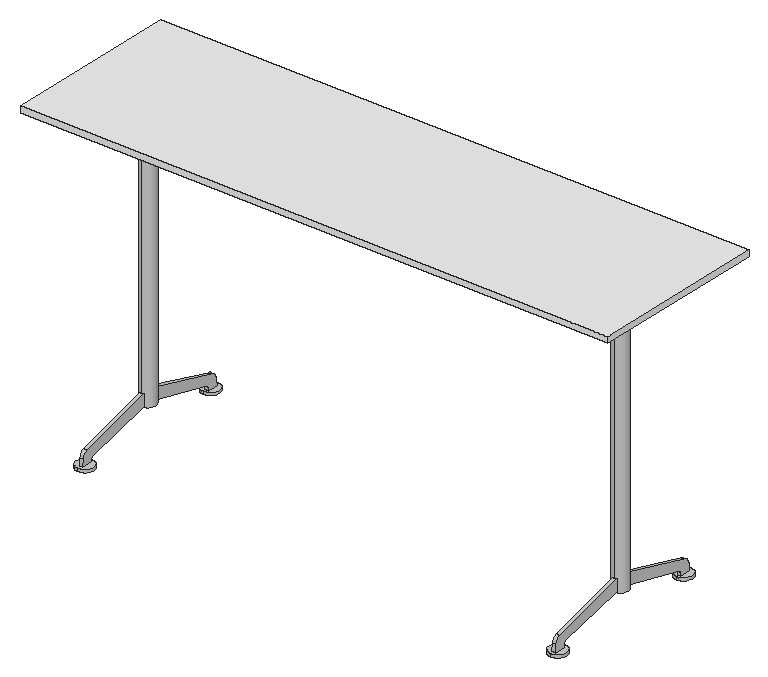
Revit family "Table-LAMMHULTS-COOPER-High", category Furniture, Revit 2015
Parameters (values of type "200x60 Laminate")
  Leg Width = 283.7 mm  # constant formula
  Right Dist to Edge [instance] = if([Leg Right (link position)], 0 mm, 195 mm)  # 195 mm
  URL = "www.lammhults.se"
  Table Top Width = 600 mm
  Table Top Length = 2000 mm
  Table Top Height = 1046 mm
  Table Edge Material = none
  Table Top Material = Laminate - High Pressure - White grey
  Right Cutback [instance] = if(Leg Right, 31 mm, 0 mm)  # 31 mm
  Model = "COOPER"
  Manufacturer = "LAMMHULTS"  # constant formula
  Legs Material = Metal - Chrome - Polished
  Leg Right (link position) [instance] = no
  Leg Right [instance] = yes
  Leg Left (link position) [instance] = no
  Leg Left [instance] = yes
  Left Cutback [instance] = if(Leg Left, 31 mm, 0 mm)  # 31 mm
  Keynote = "46.B"
  Frame Material = Metal - Chrome - Polished
  Left Dist to Edge [instance] = if([Leg Left (link position)], 0 mm, 195 mm)  # 195 mm
  Feet Material = Metal - Chrome - Polished
  Description = "*Please enter mtrl description here for use in mto*"
  Content Author = "AEC AB"  # constant formula
  Assembly Code = "E2020"
Types (2, lengths in mm): name | Table Top Length
  160x60 Laminate | 1600
  200x60 Laminate | 2000
Reference planes
  plane 1 "Center (Front/Back)": y = 0
  plane 2: z = 0
  plane 3 "Center (Left/Right)": x = 0
  plane 4: z = 1027
  plane 5: x = -1000
  plane 6: x = 1000
  plane 7: y = 300
  plane 8: y = -300
  plane 9 "Table Top 19mm": z = 1046
Forms (mm)
  Extrusion 1, solid, material "Metal - Chrome - Polished" <- "Legs Material", visible <- "Leg Left"
    sketch origin (-805, 283.7, 0) x (0, -1, 0) y (0, 0, 1)
      loop
        line (549.104, 52.093) -> (308.986, 118.473) -> (308.986, 78.351) -> (526.962, 25.852)
        arc (526.962, 25.852) -> (531.291, 23.127) -> (533.084, 18.336) r 8
        line (533.084, 18.336) -> (533.421, 8.034) -> (567.4, 8.034) -> (565.153, 32.87)
        arc (565.153, 32.87) -> (560.13, 44.988) -> (549.104, 52.093) r 22
      loop
        arc (18.296, 52.093) -> (7.27, 44.988) -> (2.247, 32.87) r 22
        line (2.247, 32.87) -> (0, 8.034) -> (33.979, 8.034) -> (34.316, 18.336)
        arc (34.316, 18.336) -> (36.109, 23.127) -> (40.438, 25.852) r 8
        line (40.438, 25.852) -> (258.422, 78.351) -> (258.422, 118.473) -> (18.296, 52.093)
    from -6 to 6
  Extrusion 2, solid, material "Metal - Chrome - Polished" <- "Legs Material", visible <- "Leg Right"
    sketch origin (805, 283.7, 0) x (0, -1, 0) y (0, 0, 1)
      loop
        line (549.104, 52.093) -> (308.986, 118.473) -> (308.986, 78.351) -> (526.962, 25.852)
        arc (526.962, 25.852) -> (531.291, 23.127) -> (533.084, 18.336) r 8
        line (533.084, 18.336) -> (533.421, 8.034) -> (567.4, 8.034) -> (565.153, 32.87)
        arc (565.153, 32.87) -> (560.13, 44.988) -> (549.104, 52.093) r 22
      loop
        arc (18.296, 52.093) -> (7.27, 44.988) -> (2.247, 32.87) r 22
        line (2.247, 32.87) -> (0, 8.034) -> (33.979, 8.034) -> (34.316, 18.336)
        arc (34.316, 18.336) -> (36.109, 23.127) -> (40.438, 25.852) r 8
        line (40.438, 25.852) -> (258.422, 78.351) -> (258.422, 118.473) -> (18.296, 52.093)
    from -6 to 6
  Extrusion 3, solid, material "Metal - Chrome - Polished" <- "Legs Material", visible <- "Leg Left"
    sketch origin (-805, 283.7, 0) x (0, -1, 0) y (1, 0, 0)
      loop
        circle (283.704, 0) r 25
    from 78 to 1027
  Extrusion 4, solid, material "Metal - Chrome - Polished" <- "Frame Material", visible <- "Leg Left"
    sketch origin (-805, -283.7, 1038) x (0, 1, 0) y (0, 0, -1)
      loop
        line (308.729, 73.969) -> (308.729, 11) -> (535.535, 11) -> (535.535, 17.574)
        arc (535.535, 17.574) -> (533.659, 23.405) -> (528.735, 27.048) r 10
        arc (528.735, 27.048) -> (520.277, 29.624) -> (511.68, 31.687) r 146.945
        line (511.68, 31.687) -> (308.729, 73.969)
      loop
        line (258.679, 73.969) -> (55.721, 31.687)
        arc (55.721, 31.687) -> (47.123, 29.624) -> (38.665, 27.048) r 146.945
        arc (38.665, 27.048) -> (33.741, 23.405) -> (31.865, 17.574) r 10
        line (31.865, 17.574) -> (31.865, 11) -> (258.679, 11) -> (258.679, 73.969)
    from -6 to 6
  Extrusion 5, solid, material "Metal - Chrome - Polished" <- "Frame Material", visible <- "Leg Right"
    sketch origin (805, -283.7, 1038) x (0, 1, 0) y (0, 0, -1)
      loop
        line (258.679, 73.969) -> (55.721, 31.687)
        arc (55.721, 31.687) -> (47.123, 29.624) -> (38.665, 27.048) r 146.945
        arc (38.665, 27.048) -> (33.741, 23.405) -> (31.865, 17.574) r 10
        line (31.865, 17.574) -> (31.865, 11) -> (258.679, 11) -> (258.679, 73.969)
      loop
        line (308.729, 73.969) -> (308.729, 11) -> (535.535, 11) -> (535.535, 17.574)
        arc (535.535, 17.574) -> (533.659, 23.405) -> (528.735, 27.048) r 10
        arc (528.735, 27.048) -> (520.277, 29.624) -> (511.68, 31.687) r 146.945
        line (511.68, 31.687) -> (308.729, 73.969)
    from -6 to 6
  Extrusion 6, solid, material "Metal - Chrome - Polished" <- "Legs Material", visible <- "Leg Right"
    sketch origin (805, 283.7, 0) x (0, -1, 0) y (1, 0, 0)
      loop
        circle (283.704, 0) r 25
    from 78 to 1027
  Extrusion 7, solid, material "Laminate - High Pressure - White grey" <- "Table Top Material"
    sketch origin (0, 0, 1046) x (0, 1, 0) y (-1, 0, 0)
      loop
        line (300, 1000) -> (-300, 1000) -> (-300, -1000) -> (300, -1000) -> (300, 1000)
    from -19 to 0
  Extrusion 8, solid, material "Metal - Chrome - Polished" <- "Feet Material", visible <- "Leg Left"
    sketch origin (-805, 283.7, 0) x (0, -1, 0) y (1, 0, 0)
      loop
        circle (15.704, 0) r 30
      loop
        circle (551.696, 0) r 30
    from 0 to 8.034
  Extrusion 9, solid, material "Metal - Chrome - Polished" <- "Feet Material", visible <- "Leg Right"
    sketch origin (805, 283.7, 0) x (0, -1, 0) y (1, 0, 0)
      loop
        circle (551.696, 0) r 30
      loop
        circle (15.704, 0) r 30
    from 0 to 8.034
  Extrusion 10, solid, material "Metal - Chrome - Polished" <- "Frame Material"
    sketch origin (0, 0, 1038) x (0, 1, 0) y (-1, 0, 0)
      loop
        line (6, 836) -> (-6, 836) -> (-6, -836) -> (6, -836) -> (6, 836)
    from -11 to -71
  Extrusion 11, solid, material "Metal - Chrome - Polished" <- "Frame Material", visible <- "Leg Left"
    sketch origin (-805, -283.7, 1046) x (0, 1, 0) y (-1, 0, 0)
      loop
        circle (283.704, 0) r 27
    from -19 to -86
  Extrusion 12, solid, material "Metal - Chrome - Polished" <- "Frame Material", visible <- "Leg Right"
    sketch origin (805, -283.7, 1046) x (0, 1, 0) y (-1, 0, 0)
      loop
        circle (283.704, 0) r 27
    from -19 to -86
Lines and regions (mm)
  Masking region 1
    outline origin (0, 0, 1038) x (0, 1, 0) y (-1, 0, 0)
      loop
        line (300, 1000) -> (-300, 1000) -> (-300, -1000) -> (300, -1000) -> (300, 1000)
  reference lines
    curve 1: line (-805, 283.7, 0) -> (-805, -283.7, 0)
    curve 2: line (805, 283.7, 0) -> (805, -283.7, 0)
    curve 5: line (-805, 283.7, 0) -> (805, 283.7, 0)
    curve 6: line (-805, -283.7, 0) -> (805, -283.7, 0)
  reference lines, not visible
    curve 3: line (-805, -283.7, 1046) -> (-805, 283.7, 1046)
    curve 4: line (805, -283.7, 1046) -> (805, 283.7, 1046)
Dimensions and locks
  "Right Cutback": curve 2 to Extrusion 10
  "Left Cutback": Extrusion 10 to curve 1
  equal spacing: plane 5, plane 3 "Center (Left/Right)", plane 6
  "Table Top Length": plane 5 to plane 6
  equal spacing: plane 7, plane 1 "Center (Front/Back)", plane 8
  "Table Top Width": plane 7 to plane 8
  "Left Dist to Edge": plane 5 to curve 1
  "Right Dist to Edge": curve 2 to plane 6
  "Leg Width": plane 1 "Center (Front/Back)" to curve 5
  "Leg Width": curve 6 to plane 1 "Center (Front/Back)"
  plane 9 "Table Top 19mm" to plane 4 = 19 mm
  "Table Top Height": plane 9 "Table Top 19mm" to plane 2
  aligned and locked: level to plane 2
  aligned and locked: plane 4 to Extrusion 3
  aligned and locked: plane 4 to Extrusion 6
  aligned and locked: plane 5 to Extrusion 7 sketch curve
  aligned and locked: Extrusion 7 sketch curve to plane 7
  aligned and locked: plane 6 to Extrusion 7 sketch curve
  aligned and locked: Extrusion 7 sketch curve to plane 8
  aligned and locked: Masking region 1 sketch curve to plane 7
  aligned and locked: plane 6 to Masking region 1 sketch curve
  aligned and locked: Masking region 1 sketch curve to plane 8
  aligned and locked: plane 5 to Masking region 1 sketch curve
  aligned and locked: Extrusion 7 to plane 4
  aligned and locked: plane 9 "Table Top 19mm" to curve 3
  aligned and locked: plane 9 "Table Top 19mm" to curve 4
Automatic sketch dimensions
  Extrusion 1 sketch curve to curve 1 = 0 mm  (x2)
  curve 1 to Extrusion 1 sketch curve = 8.034 mm  (x2)
  curve 1 to Extrusion 1 sketch curve = 2.247 mm
  curve 1 to Extrusion 1 sketch curve = 18.296 mm
  Extrusion 1 sketch curve to Extrusion 1 sketch curve = 5.862 mm
  Extrusion 1 sketch curve to Extrusion 1 sketch curve = 9.821 mm
  Extrusion 1 sketch curve to Extrusion 1 sketch curve = 0.337 mm  (x2)
  Extrusion 1 sketch curve to curve 1 = 25.852 mm
  Extrusion 1 sketch curve to Extrusion 1 sketch curve = 6.123 mm
  Extrusion 1 sketch curve to Extrusion 1 sketch curve = 7.996 mm  (x2)
  Extrusion 1 sketch curve to Extrusion 1 sketch curve = 217.984 mm
  Extrusion 1 sketch curve to Extrusion 1 sketch curve = 50.564 mm
  Extrusion 1 sketch curve to curve 1 = 18.074 mm
  Extrusion 1 sketch curve to curve 1 = 42.312 mm
  Extrusion 1 sketch curve to Extrusion 1 sketch curve = 1.873 mm
  Extrusion 1 sketch curve to Extrusion 1 sketch curve = 10.158 mm
  Extrusion 1 sketch curve to curve 1 = 18.296 mm
  Extrusion 1 sketch curve to curve 1 = 2.247 mm
  Extrusion 1 sketch curve to Extrusion 1 sketch curve = 7.778 mm
  Extrusion 1 sketch curve to Extrusion 1 sketch curve = 0.261 mm
  Extrusion 1 sketch curve to Extrusion 1 sketch curve = 12.552 mm  (x2)
  curve 1 to Extrusion 1 sketch curve = 32.87 mm  (x2)
  Extrusion 1 sketch curve to curve 1 = 78.351 mm
  Extrusion 1 sketch curve to Extrusion 1 sketch curve = 0 mm
  Extrusion 1 sketch curve to Extrusion 1 sketch curve = 40.122 mm  (x2)
  Extrusion 2 sketch curve to curve 2 = 0 mm  (x2)
  curve 2 to Extrusion 2 sketch curve = 8.034 mm  (x2)
  curve 2 to Extrusion 2 sketch curve = 2.247 mm
  curve 2 to Extrusion 2 sketch curve = 18.296 mm
  Extrusion 2 sketch curve to Extrusion 2 sketch curve = 5.862 mm
  Extrusion 2 sketch curve to Extrusion 2 sketch curve = 9.821 mm
  Extrusion 2 sketch curve to Extrusion 2 sketch curve = 0.337 mm  (x2)
  Extrusion 2 sketch curve to curve 2 = 25.852 mm
  Extrusion 2 sketch curve to Extrusion 2 sketch curve = 6.123 mm
  Extrusion 2 sketch curve to Extrusion 2 sketch curve = 7.996 mm  (x2)
  Extrusion 2 sketch curve to curve 2 = 78.351 mm
  Extrusion 2 sketch curve to Extrusion 2 sketch curve = 217.984 mm
  Extrusion 2 sketch curve to curve 2 = 118.473 mm
  Extrusion 2 sketch curve to Extrusion 2 sketch curve = 50.564 mm
  Extrusion 2 sketch curve to curve 2 = 18.074 mm
  Extrusion 2 sketch curve to curve 2 = 42.312 mm
  Extrusion 2 sketch curve to Extrusion 2 sketch curve = 1.873 mm
  Extrusion 2 sketch curve to Extrusion 2 sketch curve = 10.158 mm
  Extrusion 2 sketch curve to curve 2 = 18.296 mm
  Extrusion 2 sketch curve to curve 2 = 2.247 mm
  Extrusion 2 sketch curve to Extrusion 2 sketch curve = 7.778 mm
  Extrusion 2 sketch curve to Extrusion 2 sketch curve = 0.261 mm
  Extrusion 2 sketch curve to Extrusion 2 sketch curve = 12.552 mm  (x2)
  curve 2 to Extrusion 2 sketch curve = 32.87 mm  (x2)
  Extrusion 2 sketch curve to Extrusion 2 sketch curve = 40.122 mm  (x2)
  Extrusion 3 sketch curve to curve 1 = 0 mm
  curve 1 to Extrusion 3 sketch curve = 283.704 mm
  curve 3 to curve 1 = 0 mm  (x2)
  curve 3 to Extrusion 4 sketch curve = 31.865 mm
  Extrusion 4 sketch curve to Extrusion 4 sketch curve = 10 mm  (x2)
  Extrusion 4 sketch curve to Extrusion 4 sketch curve = 13.856 mm
  curve 3 to Extrusion 4 sketch curve = 85.69 mm
  Extrusion 4 sketch curve to curve 3 = 81.969 mm
  Extrusion 4 sketch curve to Extrusion 4 sketch curve = 202.958 mm
  Extrusion 4 sketch curve to curve 3 = 19 mm  (x2)
  Extrusion 4 sketch curve to Extrusion 4 sketch curve = 50.05 mm
  Extrusion 4 sketch curve to curve 3 = 85.69 mm
  Extrusion 4 sketch curve to curve 3 = 39.687 mm
  Extrusion 4 sketch curve to curve 3 = 55.72 mm
  Extrusion 4 sketch curve to Extrusion 4 sketch curve = 13.855 mm
  Extrusion 4 sketch curve to curve 3 = 104.169 mm  (x2)
  Extrusion 4 sketch curve to Extrusion 4 sketch curve = 6.574 mm  (x2)
  Extrusion 4 sketch curve to Extrusion 4 sketch curve = 4.639 mm
  Extrusion 4 sketch curve to Extrusion 4 sketch curve = 0 mm
  curve 4 to curve 2 = 0 mm  (x2)
  Extrusion 5 sketch curve to curve 4 = 19 mm  (x2)
  curve 4 to Extrusion 5 sketch curve = 31.865 mm
  Extrusion 5 sketch curve to Extrusion 5 sketch curve = 10 mm  (x2)
  Extrusion 5 sketch curve to Extrusion 5 sketch curve = 13.856 mm
  curve 4 to Extrusion 5 sketch curve = 85.69 mm
  Extrusion 5 sketch curve to curve 4 = 81.969 mm  (x2)
  Extrusion 5 sketch curve to Extrusion 5 sketch curve = 202.958 mm
  Extrusion 5 sketch curve to curve 4 = 104.169 mm  (x2)
  Extrusion 5 sketch curve to Extrusion 5 sketch curve = 6.574 mm  (x2)
  Extrusion 5 sketch curve to Extrusion 5 sketch curve = 4.639 mm
  Extrusion 5 sketch curve to Extrusion 5 sketch curve = 50.05 mm
  Extrusion 5 sketch curve to curve 4 = 85.69 mm
  Extrusion 5 sketch curve to curve 4 = 39.687 mm
  Extrusion 5 sketch curve to curve 4 = 55.72 mm
  Extrusion 5 sketch curve to Extrusion 5 sketch curve = 13.855 mm
  Extrusion 6 sketch curve to curve 2 = 0 mm
  curve 2 to Extrusion 6 sketch curve = 283.704 mm
  Extrusion 8 sketch curve to curve 1 = 0 mm  (x2)
  curve 1 to Extrusion 8 sketch curve = 15.704 mm
  Extrusion 8 sketch curve to curve 1 = 15.704 mm
  Extrusion 9 sketch curve to curve 2 = 0 mm  (x2)
  curve 2 to Extrusion 9 sketch curve = 15.704 mm
  Extrusion 9 sketch curve to curve 2 = 15.704 mm
  plane 1 "Center (Front/Back)" to Extrusion 10 sketch curve = 6 mm
  Extrusion 10 sketch curve to plane 1 "Center (Front/Back)" = 6 mm
  plane 3 "Center (Left/Right)" to Extrusion 10 sketch curve = 836 mm
  Extrusion 10 sketch curve to plane 3 "Center (Left/Right)" = 836 mm
  Extrusion 11 sketch curve to curve 3 = 0 mm
  curve 3 to Extrusion 11 sketch curve = 283.704 mm
  Extrusion 12 sketch curve to curve 4 = 0 mm
  curve 4 to Extrusion 12 sketch curve = 283.704 mm
  radius of Extrusion 3 sketch curve = 25 mm
  radius of Extrusion 6 sketch curve = 25 mm
  radius of Extrusion 8 sketch curve = 30 mm  (x2)
  radius of Extrusion 9 sketch curve = 30 mm  (x2)
  radius of Extrusion 11 sketch curve = 27 mm
  radius of Extrusion 12 sketch curve = 27 mm
